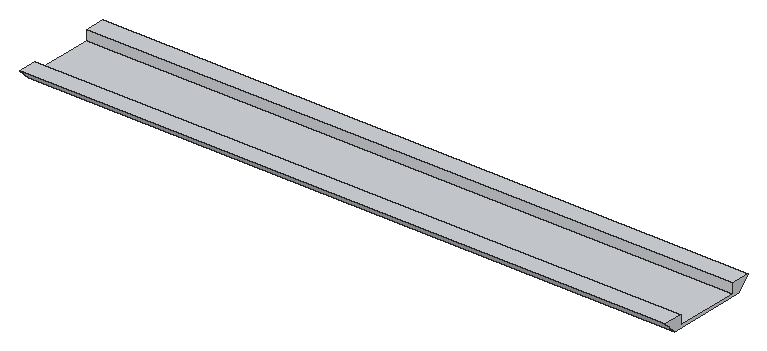
Revit family "FR_PG_Fondation_V3_6", category Allgemeines Modell, Revit 2018
Family settings
  Kann Basisbauteil für Bewehrung sein = Nein
  Bemaßung runder Anschluss = Durchmesser verwenden
  Teiletyp = Normal
  Beim Laden mit Abzugskörper schneiden = Ja
  Gemeinsam genutzt = Ja
  Raumberechnungspunkt = Nein
Parameters (values of type "MEADRAIN PG3000-V3_6 Lit Mortier")
  guid = "cf6c1bd8-9bf4-4563-8c57-07955e2378ac"  # constant formula
  Angle des côtés de approfondissement = 45.00°
  Largeur de l'approfondissement [instance] = 370 mm
  URL = "https://www.mea-group.com/"
  Type élément de drainage = "Typ M"  # constant formula
  Fiche technique produits = "https://www.mea-group.com/fr/fr/produits/caniveaux-de-drainage-meadrain-pg/"
  STLB-Bau Mustervorlage = "https://www.stlb-bau-online.de/Mustervorlagen/MEA-GROUP/Node"
  Nennweite mm Entwässerungsbauteil = if(Largeur utile = 100 mm, "100", if(Largeur utile = 150 mm, "150", "300"))  # "300"
  Largeur utile = 300 mm
  Materiaux = ""
  MEA-Volumen PCC-Mörtel [instance] = B_surface * [built-in parameter 1001306]  # 29.625 L
  MEA aide montage = "https://www.mea-group.com/de/water-management/service/"
  built-in parameter 1001306 [instance] = 3000 mm
  Contruction élément de drainage = "Mörtelbett Kammrinne"  # constant formula
  IfcExportType = "USERDEFINED"  # constant formula
  IfcExportAs = "IfcWasteTerminalType"  # constant formula
  IfcDescription = Beschreibung  # "Caniveau plat monolithique en béton polymère, avec profilé de peigne. Absence de pièces mobiles non fixées =\r\nsolution silencieuse. Largeur des fentes selon norme EN 1433, adaptées au passage de personnes à mobilité\r\nréduite (PMR) sans couverture complémentaire. Largeur utile 100mm. Hauteur 500mm. Corps de caniveaux sans\r\npente. Classes de charge A 15 à C 250 selon norme EN 1433. Capacité de charge selon l’application. Respectez\r\nles conseils de pose préconisés par MEA."
  Hauteur = 50 mm
  Hersteller = "MEA Bautechnik GmbH business unite MEA Water Management"  # constant formula
  Poids = "voir la densité mortier"  # constant formula
  Hauteur de sol [instance] = 60 mm
  Technique de montage = "Caniveau seul"  # constant formula
  Largeur = 300 mm
  Beschreibung = "Caniveau plat monolithique en béton polymère, avec profilé de peigne. Absence de pièces mobiles non fixées =\r\nsolution silencieuse. Largeur des fentes selon norme EN 1433, adaptées au passage de personnes à mobilité\r\nréduite (PMR) sans couverture complémentaire. Largeur utile 100mm. Hauteur 500mm. Corps de caniveaux sans\r\npente. Classes de charge A 15 à C 250 selon norme EN 1433. Capacité de charge selon l’application. Respectez\r\nles conseils de pose préconisés par MEA."
  classe de drainage d élément de drainage = "C 250"
  Élément de drainage = "Caniveau de drainage"  # constant formula
  Materiaux, enrobage/Fondation = "PCC-Mörtel/Epoxy-Mörtel"  # constant formula
  Bauelement = "Caniveau  surface d'eau"  # constant formula
  B_surface [instance] = (Largeur de l'approfondissement + (tan(90.00° - Angle des côtés de approfondissement) * (Hauteur de sol - 5 mm))) * (Hauteur de sol - 5 mm) - (Largeur utile * 45 mm)  # 0.009875 m²
  Documents de mise en œuvre = "conformément aux dessins et à la description du produits"  # constant formula
  Référence (Art.Nr) = "010155602"
Types (3, lengths in mm): name | Nennweite mm Entwässerungsbauteil | Largeur utile | MEA-Volumen PCC-Mörtel | Largeur | B_surface
  MEADRAIN PG1000-V3_6 Lit Mortier | "100" | 100 | 56.625 L | 100 | 0.018875 m²
  MEADRAIN PG15000-V3_6 Lit Mortier | "150" | 150 | 49.875 L | 150 | 0.016625 m²
  MEADRAIN PG3000-V3_6 Lit Mortier | "300" | 300 | 29.625 L | 300 | 0.009875 m²
Reference planes
  plane 1 "Mitte (Vorne/hinten)": y = 0
  plane 2: z = 0
  plane 3 "Links": x = 0
  plane 4 "Rechts": x = 3000
Forms (mm)
  Sweep 1, solid
    path in 3D
      loop
        line (0, 0, 0) -> (3000, 0, 0)
    profile "Profil PG-Mörtel OS_V3_6 : Profil PG-Mörtel OS_V3_6" origin (1500, 0, 0) x (0, 1, 0) y (0, 0, 1)
      loop
        line (-150, -50) -> (-150, -5) -> (-240.027, -5) -> (-185.027, -60) -> (184.98, -60) -> (239.98, -5) -> (150, -5) -> (150, -50) -> (-150, -50)
  Sweep 2, void
    path in 3D
      loop
        line (0, 0, 0) -> (3000, 0, 0)
    profile "Abzugskörper_PG-EVO_OS V3_6 : Abzugskörper_PG-EVO_OS V3_6" origin (1500, 0, 0) x (0, 1, 0) y (0, 0, 1)
      loop
        line (-240, -5) -> (-185, -60) -> (185.031, -60) -> (240.031, -5) -> (150, -5) -> (150, 0) -> (-150, 0) -> (-150, -5) -> (-240, -5)
Lines and regions (mm)
  reference lines
    curve 1: line (104.1, 0, 0) -> (2985, 0, 0)
  model lines
    curve 2: line (0, 0, 0) -> (3000, 0, 0)
  sketch lines
    curve 3: line (0, 0, 0) -> (3000, 0, 0)
    curve 4: line (0, 0, 0) -> (3000, 0, 0)
Dimensions and locks
  "built-in parameter 1001306": plane 3 "Links" to plane 4 "Rechts"
  aligned and locked: plane 1 "Mitte (Vorne/hinten)" to curve 1
  aligned and locked: level to plane 2
  aligned and locked: plane 4 "Rechts" to curve 2
  aligned and locked: plane 3 "Links" to curve 2
Automatic sketch dimensions
  plane 1 "Mitte (Vorne/hinten)" to curve 2 = 0 mm
  plane 3 "Links" to curve 1 = 104.1 mm
  curve 1 to plane 4 "Rechts" = 15 mm
